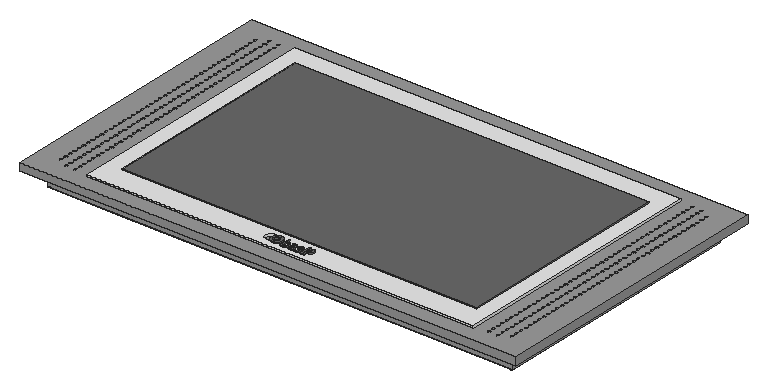
Revit family "AT-10", category Устройства связи, Revit 2022
Family settings
  Размер круглого соединителя = Использовать диаметр
  Тип детали = Нормальный
  На основе рабочей плоскости = Да
  Всегда вертикально = Нет
  При загрузке вырезать с полостями = Нет
  Сохранять ориентацию аннотаций = Нет
  Общий = Да
  Точка принадлежности помещению = Нет
Parameters (values of type "AT-10")
  Цветовое решение = "Black, White, Gold"
  Режим "Ожидания" = "Есть, настраиваемый по времени"
  Режим "Не беспокоить" = "Есть, настраиваемый по времени"
  Режим "Без звука" = "Есть, настраиваемый по времени"
  Поддержка сторонних виджетов = "Есть"
  Обновление программного обеспечения = "Через WEB-интерфейс, из SD карты, из сервера обновлений BAS-IP"
  Дополнительно = ""
  Выбор типа заставки в режиме ожидания = "Квадратор \r\nЧасы \r\nФоторамка \r\nТур по времени \r\nIP камера (постоянный просмотр)"
  Тип установки = "Настенная накладная, врезная с помощью кронштейна (опционально)."
  Количество IP камер = "До 32 камер"
  Поддержка получения сообщений = "Есть"
  Количество индивидуальных вызывных панелей = "До 9 панелей"
  Размеры = "316 x 185 x 29.5 мм"
  Размеры дисплея = "218×137 мм"
  Потребление питания = "6 Вт, в режиме ожидания – 2,5 Вт"
  Дополнительные разъемы = "Слот для microSD карт (SDHC)"
  Питание = "PoE  и +12 Вольт"
  Default Elevation = 0 mm
  Загрузка пользовательских MP3 мелодий = "Есть"
  Описание = "Внутренний монитор индивидуальный AT-10 - внутренний 10\" IP-видеодомофон с IPS-экраном и разрешением 1280x800 и возможностью подключения датчиков тревоги. Внутренний видеодомофон работает на операционной системе Android 6.0. Он поставляется в 3 цветовых вариациях: белый, золотой, черный и имеет два варианты установки: настенное и скрытое крепление с помощью специального кронштейна."
  Количество многоабонентских вызывных панелей = "До 9 панелей"
  Подключение дополнительных мониторов = "До 8 мониторов"
  Материал корпуса = Материал серый
  Корпус = "Алюминий, пластик"
  Тип интеркома = "Аудиоинтерком"
  Количество мелодий вызова = "9 мелодий на выбор"
  Сценарии = "Есть"
  Функция памяти = "Запись фото, видео и аудио на SD карту"
  Встроенная камера = "Есть"
  Интерфейс = "Многоязычный графический и WEB-интерфейс"
  Управление домашней автоматикой = "Свет, шторы, лифт"
  Изображение типоразмера = <Нет>
  Изготовитель = "BAS-IP"
  Мультимедиа возможности = "Просмотр видео-, фото- и аудиофайлов с SD карты"
  Дисплей = "10” TFT LCD, сенсорный емкостный"
  Группа модели = "Внутренний монитор индивидуальный AT-10"
  Разрешение экрана = "1280 x 800"
  Возможность установки сторонних приложений = "Есть"
  Бекап фото сделанных во время вызова = "Есть, на SD карту"
  Автоответчик = "Есть"
  URL = "https://www.bas-ip.ru"
  Email разработчика семейства = "lytvynchukartur@gmail.com"
  BIM library = "https://bimlib.ru/manufacturer/"
  ADSK_Размер_Ширина = 316 mm
  ADSK_Размер_Толщина = 29.5 mm
  ADSK_Размер_Длина = 185 mm
  ADSK_Примечание = ""
  ADSK_Полная мощность = 6 VA  # constant formula
  ADSK_Позиция = ""
  ADSK_Обозначение = ""
  ADSK_Номинальная мощность = 6 W
  ADSK_Напряжение = 12 V
  ADSK_Наименование краткое = "AT-10"
  ADSK_Наименование = "Внутренний монитор индивидуальный AT-10"
  ADSK_Масса_Текст = ""
  ADSK_Марка = "AT-10"
  ADSK_Коэффициент мощности = 0.9
  ADSK_Количество фаз = 1
  ADSK_Код изделия = ""
  ADSK_Классификация нагрузок = Внутренний монитор индивидуальный
  ADSK_Зона = ""
  ADSK_Завод-изготовитель = "BAS-IP"
  ADSK_Единица измерения = "шт"
  ADSK_Версия Revit = "Revit 2020"  # constant formula
  ADSK_URL страницы изделия = "https://www.bas-ip.ru/at-10/"
  ADSK_URL документации изделия = "http://cdn.bas-ip.com/files/datasheets_ru/AT-10_ru.pdf"
Reference planes
  plane 1 "По центру (Вперед/Назад)": y = 0
  plane 2: z = 0
  plane 3 "По центру (Влево/Вправо)": x = 0
Forms (mm)
  Extrusion 1, solid, material "Материал серый" <- "Материал корпуса", detail levels medium+fine
    sketch origin (1295.397, 39.835, -4.242) x (1, 0, 0) y (0, 1, 0)
      loop
        line (-1443.397, 42.665) -> (-1443.397, -122.335) -> (-1147.397, -122.335) -> (-1147.397, 42.665) -> (-1443.397, 42.665)
    from -5.76 to 4.346
  Extrusion 2, solid, material "Материал серый" <- "Материал корпуса", detail levels medium+fine
    sketch origin (633.615, -366.161, 54) x (1, 0, 0) y (0, 1, 0)
      loop
        line (-791.615, 458.661) -> (-791.615, 273.661) -> (-475.615, 273.661) -> (-475.615, 458.661) -> (-791.615, 458.661)
      loop
        circle (-771.365, 288.905) r 0.8
      loop
        circle (-765.365, 288.905) r 0.8
      loop
        circle (-777.365, 288.905) r 0.8
      loop
        circle (-771.365, 292.5) r 0.8
      loop
        circle (-765.365, 292.5) r 0.8
      loop
        circle (-777.365, 292.5) r 0.8
      loop
        circle (-771.365, 296.094) r 0.8
      loop
        circle (-765.365, 296.094) r 0.8
      loop
        circle (-777.365, 296.094) r 0.8
      loop
        circle (-771.365, 299.688) r 0.8
      loop
        circle (-765.365, 299.688) r 0.8
      loop
        circle (-777.365, 299.688) r 0.8
      loop
        circle (-771.365, 303.283) r 0.8
      loop
        circle (-765.365, 303.283) r 0.8
      loop
        circle (-777.365, 303.283) r 0.8
      loop
        circle (-771.365, 306.877) r 0.8
      loop
        circle (-765.365, 306.877) r 0.8
      loop
        circle (-777.365, 306.877) r 0.8
      loop
        circle (-771.365, 310.472) r 0.8
      loop
        circle (-765.365, 310.472) r 0.8
      loop
        circle (-777.365, 310.472) r 0.8
      loop
        circle (-771.365, 314.066) r 0.8
      loop
        circle (-765.365, 314.066) r 0.8
      loop
        circle (-777.365, 314.066) r 0.8
      loop
        circle (-771.365, 317.66) r 0.8
      loop
        circle (-765.365, 317.66) r 0.8
      loop
        circle (-777.365, 317.66) r 0.8
      loop
        circle (-771.365, 321.255) r 0.8
      loop
        circle (-765.365, 321.255) r 0.8
      loop
        circle (-777.365, 321.255) r 0.8
      loop
        circle (-771.365, 324.849) r 0.8
      loop
        circle (-765.365, 324.849) r 0.8
      loop
        circle (-777.365, 324.849) r 0.8
      loop
        circle (-771.365, 328.443) r 0.8
      loop
        circle (-765.365, 328.443) r 0.8
      loop
        circle (-777.365, 328.443) r 0.8
      loop
        circle (-771.365, 332.038) r 0.8
      loop
        circle (-765.365, 332.038) r 0.8
      loop
        circle (-777.365, 332.038) r 0.8
      loop
        circle (-771.365, 335.632) r 0.8
      loop
        circle (-765.365, 335.632) r 0.8
      loop
        circle (-777.365, 335.632) r 0.8
      loop
        circle (-771.365, 339.226) r 0.8
      loop
        circle (-765.365, 339.226) r 0.8
      loop
        circle (-777.365, 339.226) r 0.8
      loop
        circle (-771.365, 342.821) r 0.8
      loop
        circle (-765.365, 342.821) r 0.8
      loop
        circle (-777.365, 342.821) r 0.8
      loop
        circle (-771.365, 346.415) r 0.8
      loop
        circle (-765.365, 346.415) r 0.8
      loop
        circle (-777.365, 346.415) r 0.8
      loop
        circle (-771.365, 350.009) r 0.8
      loop
        circle (-765.365, 350.009) r 0.8
      loop
        circle (-777.365, 350.009) r 0.8
      loop
        circle (-771.365, 353.604) r 0.8
      loop
        circle (-765.365, 353.604) r 0.8
      loop
        circle (-777.365, 353.604) r 0.8
      loop
        circle (-771.365, 357.198) r 0.8
      loop
        circle (-765.365, 357.198) r 0.8
      loop
        circle (-777.365, 357.198) r 0.8
      loop
        circle (-771.365, 360.793) r 0.8
      loop
        circle (-765.365, 360.793) r 0.8
      loop
        circle (-777.365, 360.793) r 0.8
      loop
        circle (-771.365, 364.387) r 0.8
      loop
        circle (-765.365, 364.387) r 0.8
      loop
        circle (-777.365, 364.387) r 0.8
      loop
        circle (-771.365, 367.981) r 0.8
      loop
        circle (-765.365, 367.981) r 0.8
      loop
        circle (-777.365, 367.981) r 0.8
      loop
        circle (-771.365, 371.576) r 0.8
      loop
        circle (-765.365, 371.576) r 0.8
      loop
        circle (-777.365, 371.576) r 0.8
      loop
        circle (-771.365, 375.17) r 0.8
      loop
        circle (-765.365, 375.17) r 0.8
      loop
        circle (-777.365, 375.17) r 0.8
      loop
        circle (-771.365, 378.764) r 0.8
      loop
        circle (-765.365, 378.764) r 0.8
      loop
        circle (-777.365, 378.764) r 0.8
      loop
        circle (-771.365, 382.359) r 0.8
      loop
        circle (-765.365, 382.359) r 0.8
      loop
        circle (-777.365, 382.359) r 0.8
      loop
        circle (-771.365, 385.953) r 0.8
      loop
        circle (-765.365, 385.953) r 0.8
      loop
        circle (-777.365, 385.953) r 0.8
      loop
        circle (-771.365, 389.547) r 0.8
      loop
        circle (-765.365, 389.547) r 0.8
      loop
        circle (-777.365, 389.547) r 0.8
      loop
        circle (-771.365, 393.142) r 0.8
      loop
        circle (-765.365, 393.142) r 0.8
      loop
        circle (-777.365, 393.142) r 0.8
      loop
        circle (-771.365, 396.736) r 0.8
      loop
        circle (-765.365, 396.736) r 0.8
      loop
        circle (-777.365, 396.736) r 0.8
      loop
        circle (-771.365, 400.33) r 0.8
      loop
        circle (-765.365, 400.33) r 0.8
      loop
        circle (-777.365, 400.33) r 0.8
      loop
        circle (-771.365, 403.925) r 0.8
      loop
        circle (-765.365, 403.925) r 0.8
      loop
        circle (-777.365, 403.925) r 0.8
      loop
        circle (-771.365, 407.519) r 0.8
      loop
        circle (-765.365, 407.519) r 0.8
      loop
        circle (-777.365, 407.519) r 0.8
      loop
        circle (-771.365, 411.114) r 0.8
      loop
        circle (-765.365, 411.114) r 0.8
      loop
        circle (-777.365, 411.114) r 0.8
      loop
        circle (-771.365, 414.708) r 0.8
      loop
        circle (-765.365, 414.708) r 0.8
      loop
        circle (-777.365, 414.708) r 0.8
      loop
        circle (-771.365, 418.302) r 0.8
      loop
        circle (-765.365, 418.302) r 0.8
      loop
        circle (-777.365, 418.302) r 0.8
      loop
        circle (-771.365, 421.897) r 0.8
      loop
        circle (-765.365, 421.897) r 0.8
      loop
        circle (-777.365, 421.897) r 0.8
      loop
        circle (-771.365, 425.491) r 0.8
      loop
        circle (-765.365, 425.491) r 0.8
      loop
        circle (-777.365, 425.491) r 0.8
      loop
        circle (-771.365, 429.085) r 0.8
      loop
        circle (-765.365, 429.085) r 0.8
      loop
        circle (-777.365, 429.085) r 0.8
      loop
        circle (-771.365, 432.68) r 0.8
      loop
        circle (-765.365, 432.68) r 0.8
      loop
        circle (-777.365, 432.68) r 0.8
      loop
        circle (-771.365, 436.274) r 0.8
      loop
        circle (-765.365, 436.274) r 0.8
      loop
        circle (-777.365, 436.274) r 0.8
      loop
        circle (-771.365, 439.868) r 0.8
      loop
        circle (-765.365, 439.868) r 0.8
      loop
        circle (-777.365, 439.868) r 0.8
      loop
        circle (-771.365, 443.463) r 0.8
      loop
        circle (-765.365, 443.463) r 0.8
      loop
        circle (-771.365, 285.311) r 0.8
      loop
        circle (-765.365, 285.311) r 0.8
      loop
        circle (-777.365, 443.463) r 0.8
      loop
        circle (-771.365, 447.057) r 0.8
      loop
        circle (-765.365, 447.057) r 0.8
      loop
        circle (-495.865, 288.905) r 0.8
      loop
        circle (-501.865, 288.905) r 0.8
      loop
        circle (-489.865, 288.905) r 0.8
      loop
        circle (-495.865, 292.5) r 0.8
      loop
        circle (-501.865, 292.5) r 0.8
      loop
        circle (-489.865, 292.5) r 0.8
      loop
        circle (-495.865, 296.094) r 0.8
      loop
        circle (-501.865, 296.094) r 0.8
      loop
        circle (-489.865, 296.094) r 0.8
      loop
        circle (-495.865, 299.688) r 0.8
      loop
        circle (-501.865, 299.688) r 0.8
      loop
        circle (-489.865, 299.688) r 0.8
      loop
        circle (-495.865, 303.283) r 0.8
      loop
        circle (-501.865, 303.283) r 0.8
      loop
        circle (-489.865, 303.283) r 0.8
      loop
        circle (-495.865, 306.877) r 0.8
      loop
        circle (-501.865, 306.877) r 0.8
      loop
        circle (-489.865, 306.877) r 0.8
      loop
        circle (-495.865, 310.472) r 0.8
      loop
        circle (-501.865, 310.472) r 0.8
      loop
        circle (-489.865, 310.472) r 0.8
      loop
        circle (-495.865, 314.066) r 0.8
      loop
        circle (-501.865, 314.066) r 0.8
      loop
        circle (-489.865, 314.066) r 0.8
      loop
        circle (-495.865, 317.66) r 0.8
      loop
        circle (-501.865, 317.66) r 0.8
      loop
        circle (-489.865, 317.66) r 0.8
      loop
        circle (-495.865, 321.255) r 0.8
      loop
        circle (-501.865, 321.255) r 0.8
      loop
        circle (-489.865, 321.255) r 0.8
      loop
        circle (-495.865, 324.849) r 0.8
      loop
        circle (-501.865, 324.849) r 0.8
      loop
        circle (-489.865, 324.849) r 0.8
      loop
        circle (-495.865, 328.443) r 0.8
      loop
        circle (-501.865, 328.443) r 0.8
      loop
        circle (-489.865, 328.443) r 0.8
      loop
        circle (-495.865, 332.038) r 0.8
      loop
        circle (-501.865, 332.038) r 0.8
      loop
        circle (-489.865, 332.038) r 0.8
      loop
        circle (-495.865, 335.632) r 0.8
      loop
        circle (-501.865, 335.632) r 0.8
      loop
        circle (-489.865, 335.632) r 0.8
      loop
        circle (-495.865, 339.226) r 0.8
      loop
        circle (-501.865, 339.226) r 0.8
      loop
        circle (-489.865, 339.226) r 0.8
      loop
        circle (-495.865, 342.821) r 0.8
      loop
        circle (-501.865, 342.821) r 0.8
      loop
        circle (-489.865, 342.821) r 0.8
      loop
        circle (-495.865, 346.415) r 0.8
      loop
        circle (-501.865, 346.415) r 0.8
      loop
        circle (-489.865, 346.415) r 0.8
      loop
        circle (-495.865, 350.009) r 0.8
      loop
        circle (-501.865, 350.009) r 0.8
      loop
        circle (-489.865, 350.009) r 0.8
      loop
        circle (-495.865, 353.604) r 0.8
      loop
        circle (-501.865, 353.604) r 0.8
      loop
        circle (-489.865, 353.604) r 0.8
      loop
        circle (-495.865, 357.198) r 0.8
      loop
        circle (-501.865, 357.198) r 0.8
      loop
        circle (-489.865, 357.198) r 0.8
      loop
        circle (-495.865, 360.793) r 0.8
      loop
        circle (-501.865, 360.793) r 0.8
      loop
        circle (-489.865, 360.793) r 0.8
      loop
        circle (-495.865, 364.387) r 0.8
      loop
        circle (-501.865, 364.387) r 0.8
      loop
        circle (-489.865, 364.387) r 0.8
      loop
        circle (-495.865, 367.981) r 0.8
      loop
        circle (-501.865, 367.981) r 0.8
      loop
        circle (-489.865, 367.981) r 0.8
      loop
        circle (-495.865, 371.576) r 0.8
      loop
        circle (-501.865, 371.576) r 0.8
      loop
        circle (-489.865, 371.576) r 0.8
      loop
        circle (-495.865, 375.17) r 0.8
      loop
        circle (-501.865, 375.17) r 0.8
      loop
        circle (-489.865, 375.17) r 0.8
      loop
        circle (-495.865, 378.764) r 0.8
      loop
        circle (-501.865, 378.764) r 0.8
      loop
        circle (-489.865, 378.764) r 0.8
      loop
        circle (-495.865, 382.359) r 0.8
      loop
        circle (-501.865, 382.359) r 0.8
      loop
        circle (-489.865, 382.359) r 0.8
      loop
        circle (-495.865, 385.953) r 0.8
      loop
        circle (-501.865, 385.953) r 0.8
      loop
        circle (-489.865, 385.953) r 0.8
      loop
        circle (-495.865, 389.547) r 0.8
      loop
        circle (-501.865, 389.547) r 0.8
      loop
        circle (-489.865, 389.547) r 0.8
      loop
        circle (-495.865, 393.142) r 0.8
      loop
        circle (-501.865, 393.142) r 0.8
      loop
        circle (-489.865, 393.142) r 0.8
      loop
        circle (-495.865, 396.736) r 0.8
      loop
        circle (-501.865, 396.736) r 0.8
      loop
        circle (-489.865, 396.736) r 0.8
      loop
        circle (-495.865, 400.33) r 0.8
      loop
        circle (-501.865, 400.33) r 0.8
      loop
        circle (-489.865, 400.33) r 0.8
      loop
        circle (-495.865, 403.925) r 0.8
      loop
        circle (-501.865, 403.925) r 0.8
      loop
        circle (-489.865, 403.925) r 0.8
      loop
        circle (-495.865, 407.519) r 0.8
      loop
        circle (-501.865, 407.519) r 0.8
      loop
        circle (-489.865, 407.519) r 0.8
      loop
        circle (-495.865, 411.114) r 0.8
      loop
        circle (-501.865, 411.114) r 0.8
      loop
        circle (-489.865, 411.114) r 0.8
      loop
        circle (-495.865, 414.708) r 0.8
      loop
        circle (-501.865, 414.708) r 0.8
      loop
        circle (-489.865, 414.708) r 0.8
      loop
        circle (-495.865, 418.302) r 0.8
      loop
        circle (-501.865, 418.302) r 0.8
      loop
        circle (-489.865, 418.302) r 0.8
      loop
        circle (-495.865, 421.897) r 0.8
      loop
        circle (-501.865, 421.897) r 0.8
      loop
        circle (-489.865, 421.897) r 0.8
      loop
        circle (-495.865, 425.491) r 0.8
      loop
        circle (-501.865, 425.491) r 0.8
      loop
        circle (-489.865, 425.491) r 0.8
      loop
        circle (-495.865, 429.085) r 0.8
      loop
        circle (-501.865, 429.085) r 0.8
      loop
        circle (-489.865, 429.085) r 0.8
      loop
        circle (-495.865, 432.68) r 0.8
      loop
        circle (-501.865, 432.68) r 0.8
      loop
        circle (-489.865, 432.68) r 0.8
      loop
        circle (-495.865, 436.274) r 0.8
      loop
        circle (-501.865, 436.274) r 0.8
      loop
        circle (-489.865, 436.274) r 0.8
      loop
        circle (-495.865, 439.868) r 0.8
      loop
        circle (-501.865, 439.868) r 0.8
      loop
        circle (-489.865, 439.868) r 0.8
      loop
        circle (-495.865, 443.463) r 0.8
      loop
        circle (-501.865, 443.463) r 0.8
      loop
        circle (-495.865, 285.311) r 0.8
      loop
        circle (-501.865, 285.311) r 0.8
      loop
        circle (-489.865, 443.463) r 0.8
      loop
        circle (-495.865, 447.057) r 0.8
      loop
        circle (-501.865, 447.057) r 0.8
    from -54 to -49
  Extrusion 3, solid, material "Материал белый", detail levels medium+fine
    sketch origin (20.737, -205.294, 55) x (1, 0, 0) y (0, 1, 0)
      loop
        line (-143.737, 122.794) -> (102.263, 122.794) -> (102.263, 287.794) -> (-143.737, 287.794) -> (-143.737, 122.794)
      loop
        line (-133.737, 275.294) -> (-133.737, 137.794) -> (92.263, 137.794) -> (92.263, 275.294) -> (-133.737, 275.294)
      loop
        spline (-30.758, 133.265) -> (-31.907, 133.713) -> (-33.142, 133.742) -> (-34.311, 133.349) -> (-35.269, 132.584) -> (-35.895, 131.54) -> (-36.113, 130.349) -> (-35.895, 129.157) -> (-35.269, 128.114) -> (-34.311, 127.348) -> (-33.142, 126.955) -> (-31.907, 126.985) -> (-30.758, 127.432)
        spline (-30.758, 127.432) -> (-31.233, 127.779) -> (-31.642, 128.199) -> (-31.972, 128.68) -> (-32.215, 129.209) -> (-32.364, 129.771) -> (-32.414, 130.349) -> (-32.364, 130.927) -> (-32.215, 131.488) -> (-31.972, 132.017) -> (-31.642, 132.499) -> (-31.233, 132.919) -> (-30.758, 133.265)
      loop
        circle (-28.909, 130.349) r 0.991
      loop
        circle (-28.909, 130.349) r 2.081
    from -52 to -49.022
  Extrusion 4, solid, material "Материал черный", detail levels medium+fine
    sketch origin (-346.374, 108.254, 55) x (1, 0, 0) y (0, 1, 0)
      loop
        line (355.91, -186.947) -> (356.876, -186.947) -> (356.876, -179.913) -> (355.91, -179.913) -> (355.91, -186.947)
      loop
        line (357.377, -186.947) -> (358.377, -186.947) -> (358.377, -184.451)
        arc (358.377, -184.451) -> (361.041, -182.66) -> (359.379, -179.913) r 2.326
        line (359.379, -179.913) -> (357.377, -179.913) -> (357.377, -186.947)
      loop
        arc (358.377, -183.451) -> (360.221, -182.217) -> (358.377, -180.983) r 1.335
        line (358.377, -180.983) -> (358.377, -183.451)
      loop
        line (342.946, -179.913) -> (342.946, -186.947) -> (344.968, -186.947)
        spline (344.968, -186.947) -> (345.634, -186.72) -> (346.221, -186.353) -> (346.689, -185.871) -> (347.005, -185.307) -> (347.148, -184.699) -> (347.109, -184.089) -> (346.89, -183.519) -> (346.506, -183.026) -> (345.984, -182.646) -> (345.358, -182.403) -> (344.672, -182.314) -> (343.972, -182.385)
        line (343.972, -182.385) -> (343.972, -179.913) -> (342.946, -179.913)
      loop
        line (343.972, -183.426) -> (343.972, -185.927) -> (345.157, -185.927)
        spline (345.157, -185.927) -> (345.542, -185.692) -> (345.86, -185.388) -> (346.09, -185.036) -> (346.217, -184.659) -> (346.23, -184.283) -> (346.13, -183.934) -> (345.923, -183.636) -> (345.624, -183.408) -> (345.252, -183.267) -> (344.834, -183.222) -> (344.397, -183.276) -> (343.972, -183.426)
      loop
        line (354.371, -183.077) -> (354.371, -182.08)
        arc (354.371, -182.08) -> (353.527, -181.636) -> (352.582, -181.765) r 1.562
        arc (352.582, -181.765) -> (351.902, -182.393) -> (351.698, -183.296) r 1.562
        arc (351.698, -183.296) -> (352.118, -184.311) -> (353.134, -184.732) r 1.436
        arc (353.134, -184.732) -> (353.678, -184.957) -> (353.903, -185.501) r 0.769
        arc (353.903, -185.501) -> (353.519, -186.167) -> (352.749, -186.167) r 0.769
        line (352.749, -186.167) -> (351.665, -185.976) -> (351.665, -186.777) -> (353.173, -187.043)
        arc (353.173, -187.043) -> (354.539, -185.977) -> (354.178, -184.282) r 1.634
        line (354.178, -184.282) -> (353.112, -183.956)
        arc (353.112, -183.956) -> (352.563, -183.005) -> (353.595, -182.629) r 0.717
        line (353.595, -182.629) -> (354.371, -183.077)
      loop
        line (350.666, -186.947) -> (350.666, -182.599)
        arc (350.666, -182.599) -> (349.304, -181.597) -> (347.682, -182.073) r 1.905
        arc (347.682, -182.073) -> (347.604, -182.585) -> (348.086, -182.774) r 0.415
        arc (348.086, -182.774) -> (349.009, -182.264) -> (349.931, -182.774) r 1.09
        line (349.931, -182.774) -> (349.931, -183.578) -> (348.501, -183.578)
        arc (348.501, -183.578) -> (347.388, -185.155) -> (348.105, -186.947) r 2.022
        line (348.105, -186.947) -> (350.666, -186.947)
      loop
        line (349.931, -185.927) -> (349.931, -184.364) -> (348.861, -184.364)
        arc (348.861, -184.364) -> (348.08, -185.146) -> (348.861, -185.927) r 0.781
        line (348.861, -185.927) -> (349.931, -185.927)
      loop
        spline (337.212, -183.2) -> (337.246, -183.454) -> (337.345, -183.691) -> (337.502, -183.894) -> (337.707, -184.05) -> (337.946, -184.149) -> (338.203, -184.182) -> (338.459, -184.149) -> (338.698, -184.05) -> (338.903, -183.894) -> (339.061, -183.691) -> (339.159, -183.454) -> (339.193, -183.2)
        spline (339.193, -183.2) -> (339.159, -182.946) -> (339.061, -182.709) -> (338.903, -182.505) -> (338.698, -182.349) -> (338.459, -182.251) -> (338.203, -182.218) -> (337.946, -182.251) -> (337.707, -182.349) -> (337.502, -182.505) -> (337.345, -182.709) -> (337.246, -182.946) -> (337.212, -183.2)
      loop
        spline (336.121, -183.2) -> (336.192, -183.734) -> (336.4, -184.232) -> (336.731, -184.659) -> (337.162, -184.987) -> (337.664, -185.193) -> (338.203, -185.264) -> (338.741, -185.193) -> (339.243, -184.987) -> (339.674, -184.659) -> (340.005, -184.232) -> (340.213, -183.734) -> (340.284, -183.2)
        spline (340.284, -183.2) -> (340.213, -182.666) -> (340.005, -182.168) -> (339.674, -181.741) -> (339.243, -181.413) -> (338.741, -181.206) -> (338.203, -181.136) -> (337.664, -181.206) -> (337.162, -181.413) -> (336.731, -181.741) -> (336.4, -182.168) -> (336.192, -182.666) -> (336.121, -183.2)
      loop
        spline (334.697, -183.2) -> (334.817, -184.089) -> (335.167, -184.917) -> (335.724, -185.628) -> (336.45, -186.173) -> (337.295, -186.516) -> (338.203, -186.633) -> (339.11, -186.516) -> (339.955, -186.173) -> (340.681, -185.628) -> (341.238, -184.917) -> (341.589, -184.089) -> (341.708, -183.2)
        spline (341.708, -183.2) -> (341.589, -182.311) -> (341.238, -181.483) -> (340.681, -180.772) -> (339.955, -180.226) -> (339.11, -179.883) -> (338.203, -179.766) -> (337.295, -179.883) -> (336.45, -180.226) -> (335.724, -180.772) -> (335.167, -181.483) -> (334.817, -182.311) -> (334.697, -183.2)
    from -52 to -48.832
  Extrusion 5, solid, material "Материал черный", detail levels medium+fine
    sketch origin (-361.374, 149.91, 55) x (1, 0, 0) y (0, 1, 0)
      loop
        line (248.374, -79.91) -> (248.374, -217.41) -> (474.374, -217.41) -> (474.374, -79.91) -> (248.374, -79.91)
    from -52 to -48.8
  Blend 6, solid, material "Материал серый" <- "Материал корпуса"
    base sketch origin (0, 0, 0) x (1, 0, 0) y (0, 1, 0)
      loop
        line (-148, -82.5) -> (148, -82.5) -> (148, 82.5) -> (-148, 82.5) -> (-148, -82.5)
    top sketch origin (0, 0, 0) x (1, 0, 0) y (0, 1, 0)
      loop
        line (-108, -62.5) -> (108, -62.5) -> (108, 62.5) -> (-108, 62.5) -> (-108, -62.5)
    from -10.003 to -24.5
Lines and regions (mm)
  symbolic lines
    curve 1: line (-188, 0, -10) -> (207, 0, -10)
Dimensions and locks
  aligned and locked: level to plane 2
Connectors
  electrical at (0, 0, -10.003)
    settings: on Extrusion 1, index 5, voltage 0 V, apparent load 0 VA, apparent load phase1 0 VA, apparent load phase2 0 VA, apparent load phase3 0 VA, power factor 1, load classification "Прочее", number of poles 1, system type 13, power factor state 1, is connector primary yes, connector utility no, sub classification motor no, connector description ""
  electrical at (7.731, -8.192, -10.003)
    settings: on Extrusion 1, index 10, voltage 12 V, apparent load 6 VA, apparent load phase1 0 VA, apparent load phase2 0 VA, apparent load phase3 0 VA, power factor 0.9, load classification "Внутренний монитор индивидуальный", number of poles 1, system type 30, power factor state 1, is connector primary no, connector utility no, sub classification motor no, connector description ""
  electrical at (-7.269, -8.192, -10.003)
    settings: on Extrusion 1, index 13, voltage 0 V, apparent load 0 VA, apparent load phase1 0 VA, apparent load phase2 0 VA, apparent load phase3 0 VA, power factor 1, load classification "Прочее", number of poles 1, system type 5, power factor state 1, is connector primary no, connector utility no, sub classification motor no, connector description ""
